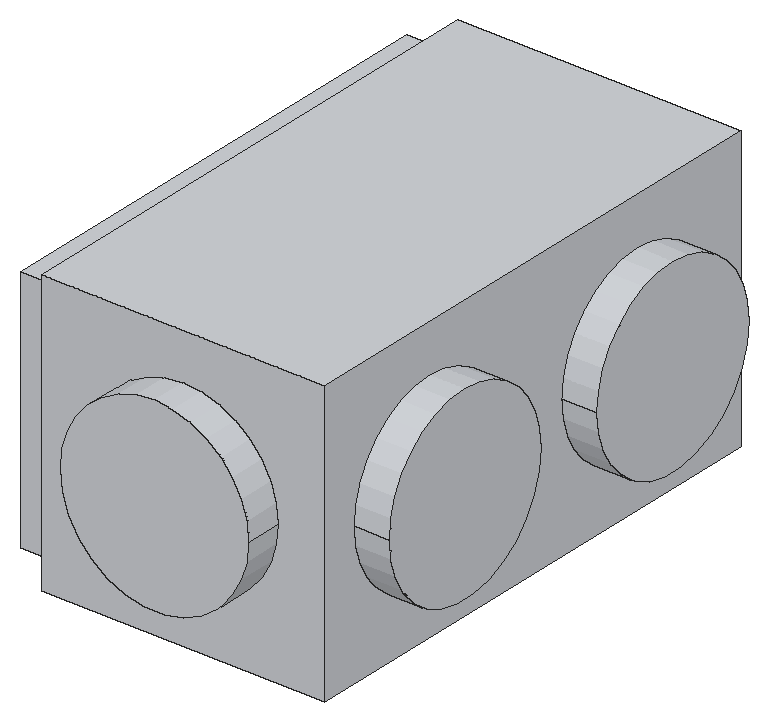
Revit family "M_Plenum de saída VAV - Duplo Y", category Conexões de duto, Revit 2019
Family settings
  Cota do conector redondo = Usar raio
  Tipo de parte = Cruzeta
  Número OmniClass = 23.75.70.11.14.24
  Título OmniClass = Air Mixers
  ID de item do Seek = VAV Outlet Plenum - Double Wye-0000-CAN-ENU
  Com base no plano de trabalho = Não
  Sempre na vertical = Sim
  Corte com vazios quando carregada = Não
  Compartilhado = Não
Parameters (values of type "Padrão")
  Raio de saída do ar de fornecimento = Diâmetro de saída do ar de fornecimento / 2  # 100 mm
  Diâmetro de saída do ar de fornecimento = 200 mm
  Largura da entrada de ar de fornecimento = 511.9 mm
  Altura da entrada de ar de fornecimento = 261.9 mm
  1/4 da largura do plenum = Largura do plenum / 4  # 137.5 mm
  Largura do plenum = Largura da entrada de ar de fornecimento + 38.1 mm  # 550 mm
  Comprimento do plenum = 300 mm
  Altura do plenum = Altura da entrada de ar de fornecimento + 38.1 mm  # 300 mm
  Espessura de revestimento = 0 mm
  Raio da saída de ar de fornecimento revestido = Raio de saída do ar de fornecimento - Espessura de revestimento * 2  # 100 mm
  Largura da entrada do ar de fornecimento revestido = Largura da entrada de ar de fornecimento - Espessura de revestimento * 2  # 511.9 mm
  Altura da entrada de ar do fornecimento revestido = Altura da entrada de ar de fornecimento - Espessura de revestimento * 2  # 261.9 mm
  Largura do plenum revestido = Largura do plenum - Espessura de revestimento * 2  # 550 mm
  Comprimento do plenum revestido = Comprimento do plenum - Espessura de revestimento * 2  # 300 mm
  Altura do plenum revestido = Altura do plenum - Espessura de revestimento * 2  # 300 mm
  Espessura do isolamento = 0 mm
  Raio da saída de ar do fornecimento de isolamento = Raio de saída do ar de fornecimento + Espessura do isolamento * 2  # 100 mm
  Diâmetro da saída de ar do fornecimento de isolamento = Diâmetro de saída do ar de fornecimento + Espessura do isolamento * 2  # 200 mm
  Largura da entrada de ar do fornecimento de isolamento = Largura da entrada de ar de fornecimento + Espessura do isolamento * 2  # 511.9 mm
  Largura do plenum do isolamento = Largura do plenum + Espessura do isolamento * 2  # 550 mm
  Comprimento do plenum do isolamento = Comprimento do plenum + Espessura do isolamento * 2  # 300 mm
  Altura do plenum do isolamento = Altura do plenum + Espessura do isolamento * 2  # 300 mm
  Altura da entrada do ar do fornecimento de isolamento = Altura da entrada de ar de fornecimento + Espessura do isolamento * 2  # 261.9 mm
Reference planes
  plane 1 "Centro (Frente/Trás)": y = 0
  plane 2 "Centro(elevação)": z = 0
  plane 3 "Centro (Esquerda/Direita)": x = 0
  plane 4: y = 275
  plane 5: y = -275
  plane 6: x = 150
  plane 7: x = -150
  plane 8: z = 150
  plane 9: z = -150
  plane 10: x = -188.1
  plane 11: x = 188.1
  plane 12: y = -255.95
  plane 13: y = 255.95
  plane 14: z = 130.95
  plane 15: z = -130.95
  plane 16: y = 137.5
  plane 17: y = -137.5
  plane 18: z = 150
  plane 19: z = -150
  plane 20: z = 150
  plane 21: z = -150
  plane 22: x = -150
  plane 23: x = 150
  plane 24: x = 150
  plane 25: x = -150
  plane 26: y = 275
  plane 27: y = -275
  plane 28: y = 275
  plane 29: y = -275
  plane 30: y = 255.95
  plane 31: y = -255.95
  plane 32: y = 255.95
  plane 33: y = -255.95
  plane 34: z = 130.95
  plane 35: z = -130.95
  plane 36: z = 130.95
  plane 37: z = -130.95
  plane 38: y = 313.1
  plane 39: y = -313.1
Forms (mm)
  Extrusion 1, solid
    sketch origin (0, 0, 0) x (1, 0, 0) y (0, 1, 0)
      loop
        line (-150, 275) -> (-150, -275) -> (150, -275) -> (150, 275) -> (-150, 275)
    from -150 to 150
  Extrusion 2, solid
    sketch origin (0, 0, 0) x (0, 1, 0) y (0, 0, 1)
      loop
        line (255.95, 130.95) -> (-255.95, 130.95) -> (-255.95, -130.95) -> (255.95, -130.95) -> (255.95, 130.95)
    from -188.1 to -150
  Extrusion 3, solid
    sketch origin (0, 0, 0) x (1, 0, 0) y (0, 0, 1)
      loop
        circle (0, 0) r 100
    from 313.1 to 275
  Extrusion 4, solid
    sketch origin (0, 0, 0) x (1, 0, 0) y (0, 0, 1)
      loop
        circle (0, 0) r 100
    from -275 to -313.1
  Extrusion 5, solid
    sketch origin (0, 0, 0) x (0, 1, 0) y (0, 0, 1)
      loop
        circle (137.5, 0) r 100
    from 150 to 188.1
  Extrusion 6, solid
    sketch origin (0, 0, 0) x (0, 1, 0) y (0, 0, 1)
      loop
        circle (-137.5, 0) r 100
    from 150 to 188.1
  Extrusion 7, solid
    sketch origin (0, 0, 0) x (0, 1, 0) y (0, 0, 1)
      loop
        circle (-137.5, 0) r 100
    from 150 to 188.1
  Extrusion 8, solid
    sketch origin (0, 0, 0) x (0, 1, 0) y (0, 0, 1)
      loop
        circle (137.5, 0) r 100
    from 150 to 188.1
  Extrusion 9, solid
    sketch origin (0, 0, 0) x (0, 1, 0) y (0, 0, 1)
      loop
        circle (-137.5, 0) r 100
    from 150 to 188.1
  Extrusion 10, solid
    sketch origin (0, 0, 0) x (0, 1, 0) y (0, 0, 1)
      loop
        circle (137.5, 0) r 100
    from 150 to 188.1
  Extrusion 11, solid
    sketch origin (0, 0, 0) x (1, 0, 0) y (0, 0, 1)
      loop
        circle (0, 0) r 100
    from 313.1 to 275
  Extrusion 12, solid
    sketch origin (0, 0, 209.55) x (1, 0, 0) y (0, 0, 1)
      loop
        circle (0, -209.55) r 100
    from -275 to -313.1
  Extrusion 13, solid
    sketch origin (0, 0, 0) x (1, 0, 0) y (0, 0, 1)
      loop
        circle (0, 0) r 100
    from 275 to 313.1
  Extrusion 14, solid
    sketch origin (0, 0, 0) x (1, 0, 0) y (0, 0, 1)
      loop
        circle (0, 0) r 100
    from -313.1 to -275
  Extrusion 15, solid
    sketch origin (0, 0, 0) x (1, 0, 0) y (0, 0, 1)
      loop
        line (-150, 150) -> (-150, -150) -> (150, -150) -> (150, 150) -> (-150, 150)
    from -275 to 275
  Extrusion 16, solid
    sketch origin (0, 0, 0) x (1, 0, 0) y (0, 0, 1)
      loop
        line (-150, 150) -> (-150, -150) -> (150, -150) -> (150, 150) -> (-150, 150)
    from -275 to 275
  Extrusion 17, solid
    sketch origin (0, 0, 0) x (0, 1, 0) y (0, 0, 1)
      loop
        line (-255.95, 130.95) -> (-255.95, -130.95) -> (255.95, -130.95) -> (255.95, 130.95) -> (-255.95, 130.95)
    from -188.1 to -150
  Extrusion 18, solid
    sketch origin (0, 0, 0) x (0, 1, 0) y (0, 0, 1)
      loop
        line (-255.95, 130.95) -> (-255.95, -130.95) -> (255.95, -130.95) -> (255.95, 130.95) -> (-255.95, 130.95)
    from -150 to -188.1
Dimensions and locks
  equal spacing: plane 5, plane 1 "Centro (Frente/Trás)", plane 4
  "Largura do plenum": plane 5 to plane 4
  equal spacing: plane 7, plane 3 "Centro (Esquerda/Direita)", plane 6
  "Comprimento do plenum": plane 7 to plane 6
  equal spacing: plane 8, plane 2 "Centro(elevação)", plane 9
  "Altura do plenum": plane 8 to plane 9
  locked: plane 6 to plane 11 at 38.1
  locked: plane 10 to plane 7 at 38.1
  equal spacing: plane 13, plane 1 "Centro (Frente/Trás)", plane 12
  "Largura da entrada de ar de fornecimento": plane 13 to plane 12
  equal spacing: plane 14, plane 2 "Centro(elevação)", plane 15
  "Altura da entrada de ar de fornecimento": plane 14 to plane 15
  equal spacing: plane 18, plane 2 "Centro(elevação)", plane 19
  "Altura do plenum revestido": plane 18 to plane 19
  equal spacing: plane 20, plane 2 "Centro(elevação)", plane 21
  "Altura do plenum do isolamento": plane 20 to plane 21
  equal spacing: plane 23, plane 3 "Centro (Esquerda/Direita)", plane 22
  "Comprimento do plenum revestido": plane 23 to plane 22
  equal spacing: plane 25, plane 3 "Centro (Esquerda/Direita)", plane 24
  "Comprimento do plenum do isolamento": plane 25 to plane 24
  equal spacing: plane 27, plane 1 "Centro (Frente/Trás)", plane 26
  "Largura do plenum revestido": plane 27 to plane 26
  equal spacing: plane 29, plane 1 "Centro (Frente/Trás)", plane 28
  "Largura do plenum do isolamento": plane 29 to plane 28
  equal spacing: plane 31, plane 1 "Centro (Frente/Trás)", plane 30
  "Largura da entrada do ar de fornecimento revestido": plane 31 to plane 30
  equal spacing: plane 33, plane 1 "Centro (Frente/Trás)", plane 32
  "Largura da entrada de ar do fornecimento de isolamento": plane 33 to plane 32
  equal spacing: plane 34, plane 2 "Centro(elevação)", plane 35
  "Altura da entrada do ar do fornecimento de isolamento": plane 34 to plane 35
  equal spacing: plane 36, plane 2 "Centro(elevação)", plane 37
  "Altura da entrada de ar do fornecimento revestido": plane 36 to plane 37
  "1/4 da largura do plenum": plane 16 to plane 4
  "1/4 da largura do plenum": plane 16 to plane 1 "Centro (Frente/Trás)"
  "1/4 da largura do plenum": plane 17 to plane 1 "Centro (Frente/Trás)"
  locked: plane 38 to plane 4 at 38.1
  locked: plane 5 to plane 39 at 38.1
  "Raio de saída do ar de fornecimento": radius of Extrusion 3 sketch curve
  "Raio de saída do ar de fornecimento": radius of Extrusion 4 sketch curve
  "Raio de saída do ar de fornecimento": radius of Extrusion 5 sketch curve
  "Raio de saída do ar de fornecimento": radius of Extrusion 6 sketch curve
  "Raio da saída de ar do fornecimento de isolamento": radius of Extrusion 7 sketch curve
  "Raio da saída de ar do fornecimento de isolamento": radius of Extrusion 8 sketch curve
  "Raio da saída de ar de fornecimento revestido": radius of Extrusion 9 sketch curve
  "Raio da saída de ar de fornecimento revestido": radius of Extrusion 10 sketch curve
  "Raio da saída de ar do fornecimento de isolamento": radius of Extrusion 11 sketch curve
  "Raio da saída de ar do fornecimento de isolamento": radius of Extrusion 12 sketch curve
  "Raio da saída de ar de fornecimento revestido": radius of Extrusion 13 sketch curve
  "Raio da saída de ar de fornecimento revestido": radius of Extrusion 14 sketch curve
  aligned and locked: plane 7 to Extrusion 1 sketch curve
  aligned and locked: plane 4 to Extrusion 1 sketch curve
  aligned and locked: plane 5 to Extrusion 1 sketch curve
  aligned and locked: Extrusion 1 sketch curve to plane 6
  aligned and locked: plane 8 to Extrusion 1
  aligned and locked: plane 9 to Extrusion 1
  aligned and locked: plane 13 to Extrusion 2 sketch curve
  aligned and locked: plane 14 to Extrusion 2 sketch curve
  aligned and locked: plane 15 to Extrusion 2 sketch curve
  aligned and locked: plane 12 to Extrusion 2 sketch curve
  aligned and locked: plane 10 to Extrusion 2
  aligned and locked: Extrusion 2 to plane 7
  aligned and locked: plane 2 "Centro(elevação)" to Extrusion 3 sketch curve
  aligned and locked: plane 3 "Centro (Esquerda/Direita)" to Extrusion 3 sketch curve
  aligned and locked: plane 2 "Centro(elevação)" to Extrusion 4 sketch curve
  aligned and locked: plane 3 "Centro (Esquerda/Direita)" to Extrusion 4 sketch curve
  aligned and locked: plane 2 "Centro(elevação)" to Extrusion 5 sketch curve
  aligned and locked: plane 16 to Extrusion 5 sketch curve
  aligned and locked: plane 17 to Extrusion 6 sketch curve
  aligned and locked: plane 2 "Centro(elevação)" to Extrusion 6 sketch curve
  aligned and locked: Extrusion 5 to plane 6
  aligned and locked: plane 11 to Extrusion 5
  aligned and locked: Extrusion 6 to plane 6
  aligned and locked: plane 11 to Extrusion 6
  aligned and locked: plane 17 to Extrusion 7 sketch curve
  aligned and locked: plane 2 "Centro(elevação)" to Extrusion 7 sketch curve
  aligned and locked: plane 16 to Extrusion 8 sketch curve
  aligned and locked: plane 2 "Centro(elevação)" to Extrusion 8 sketch curve
  aligned and locked: Extrusion 7 to plane 6
  aligned and locked: plane 11 to Extrusion 7
  aligned and locked: Extrusion 8 to plane 6
  aligned and locked: plane 11 to Extrusion 8
  aligned and locked: plane 17 to Extrusion 9 sketch curve
  aligned and locked: plane 2 "Centro(elevação)" to Extrusion 9 sketch curve
  aligned and locked: plane 16 to Extrusion 10 sketch curve
  aligned and locked: plane 2 "Centro(elevação)" to Extrusion 10 sketch curve
  aligned and locked: plane 11 to Extrusion 9
  aligned and locked: plane 11 to Extrusion 10
  aligned and locked: plane 3 "Centro (Esquerda/Direita)" to Extrusion 11 sketch curve
  aligned and locked: plane 2 "Centro(elevação)" to Extrusion 11 sketch curve
  aligned and locked: plane 2 "Centro(elevação)" to Extrusion 12 sketch curve
  aligned and locked: plane 3 "Centro (Esquerda/Direita)" to Extrusion 12 sketch curve
  aligned and locked: plane 3 "Centro (Esquerda/Direita)" to Extrusion 13 sketch curve
  aligned and locked: plane 2 "Centro(elevação)" to Extrusion 13 sketch curve
  aligned and locked: plane 3 "Centro (Esquerda/Direita)" to Extrusion 14 sketch curve
  aligned and locked: plane 2 "Centro(elevação)" to Extrusion 14 sketch curve
  aligned and locked: Extrusion 15 sketch curve to plane 20
  aligned and locked: plane 21 to Extrusion 15 sketch curve
  aligned and locked: plane 22 to Extrusion 16 sketch curve
  aligned and locked: Extrusion 16 sketch curve to plane 18
  aligned and locked: plane 19 to Extrusion 16 sketch curve
  aligned and locked: plane 23 to Extrusion 16 sketch curve
  aligned and locked: Extrusion 15 to plane 28
  aligned and locked: Extrusion 15 to plane 29
  aligned and locked: Extrusion 16 to plane 27
  aligned and locked: Extrusion 16 to plane 26
  aligned and locked: plane 31 to Extrusion 17 sketch curve
  aligned and locked: Extrusion 17 sketch curve to plane 36
  aligned and locked: plane 37 to Extrusion 17 sketch curve
  aligned and locked: plane 30 to Extrusion 17 sketch curve
  aligned and locked: plane 33 to Extrusion 18 sketch curve
  aligned and locked: Extrusion 18 sketch curve to plane 34
  aligned and locked: plane 35 to Extrusion 18 sketch curve
  aligned and locked: plane 32 to Extrusion 18 sketch curve
  aligned and locked: Extrusion 18 to plane 7
  aligned and locked: Extrusion 15 sketch curve to plane 25
  aligned and locked: Extrusion 15 sketch curve to plane 24
  aligned and locked: plane 10 to Extrusion 18
  aligned and locked: plane 10 to Extrusion 17
  aligned and locked: plane 26 to Extrusion 14
  aligned and locked: plane 22 to Extrusion 17
  aligned and locked: plane 23 to Extrusion 10
  aligned and locked: plane 23 to Extrusion 9
  aligned and locked: plane 27 to Extrusion 13
  aligned and locked: plane 38 to Extrusion 4
  aligned and locked: plane 4 to Extrusion 4
  aligned and locked: plane 38 to Extrusion 12
  aligned and locked: plane 38 to Extrusion 14
  aligned and locked: Extrusion 3 to plane 39
  aligned and locked: plane 5 to Extrusion 3
  aligned and locked: Extrusion 11 to plane 39
  aligned and locked: Extrusion 13 to plane 39
  aligned and locked: plane 26 to Extrusion 12
  aligned and locked: plane 27 to Extrusion 11
Connectors
  hvac at (-188.1, 0, 0), driven by "Altura da entrada de ar de fornecimento", driven by "Largura da entrada de ar de fornecimento"
    settings: on Extrusion 2, index 1, duct flow 0.0 L/s, flow factor 0, pres drop 0.0 Pa, loss coef 0, conn angle 0.00°, conn width 511.9 mm, conn height 261.9 mm, conn diameter 609.6 mm, duct sys type 28, conn prof type 1, flow config 0, flow direction 0, loss method 0, conn ref index -1, conn util no, is conn primary yes, conn desc ""
  hvac at (188.1, -137.5, 0), driven by "Raio de saída do ar de fornecimento"
    settings: on Extrusion 6, index 2, duct flow 0.0 L/s, flow factor 0, pres drop 0.0 Pa, loss coef 0, conn angle 0.00°, conn width 304.8 mm, conn height 304.8 mm, conn diameter 200 mm, duct sys type 28, conn prof type 0, flow config 0, flow direction 0, loss method 0, conn ref index -1, conn util no, is conn primary no, conn desc ""
  hvac at (188.1, 137.5, 0), driven by "Raio de saída do ar de fornecimento"
    settings: on Extrusion 5, index 3, duct flow 0.0 L/s, flow factor 0, pres drop 0.0 Pa, loss coef 0, conn angle 0.00°, conn width 304.8 mm, conn height 304.8 mm, conn diameter 200 mm, duct sys type 28, conn prof type 0, flow config 0, flow direction 0, loss method 0, conn ref index -1, conn util no, is conn primary no, conn desc ""
  hvac at (0, -275, 0), driven by "Raio de saída do ar de fornecimento"
    settings: on Extrusion 3, index 4, duct flow 0.0 L/s, flow factor 0, pres drop 0.0 Pa, loss coef 0, conn angle 0.00°, conn width 304.8 mm, conn height 304.8 mm, conn diameter 200 mm, duct sys type 28, conn prof type 0, flow config 0, flow direction 0, loss method 0, conn ref index -1, conn util no, is conn primary no, conn desc ""
  hvac at (0, 275, 0), driven by "Raio de saída do ar de fornecimento"
    settings: on Extrusion 4, index 5, duct flow 0.0 L/s, flow factor 0, pres drop 0.0 Pa, loss coef 0, conn angle 0.00°, conn width 304.8 mm, conn height 304.8 mm, conn diameter 200 mm, duct sys type 28, conn prof type 0, flow config 0, flow direction 0, loss method 0, conn ref index -1, conn util no, is conn primary no, conn desc ""
Types in the file's own list only (85): name | Raio de saída do ar de fornecimento | Diâmetro de saída do ar de fornecimento | Largura da entrada de ar de fornecimento | Altura da entrada de ar de fornecimento | 1/4 da largura do plenum | Largura do plenum | Comprimento do plenum | Altura do plenum | Raio da saída de ar de fornecimento revestido | Largura da entrada do ar de fornecimento revestido | Altura da entrada de ar do fornecimento revestido | Largura do plenum revestido | Comprimento do plenum revestido | Altura do plenum revestido | Raio da saída de ar do fornecimento de isolamento | Diâmetro da saída de ar do fornecimento de isolamento | Largura da entrada de ar do fornecimento de isolamento | Largura do plenum do isolamento | Comprimento do plenum do isolamento | Altura do plenum do isolamento | Altura da entrada do ar do fornecimento de isolamento
  250x250-125 | 63 mm | 125 mm | 250 mm | 250 mm | 72 mm | 288 mm | 250 mm | 288 mm | 63 mm | 250 mm | 250 mm | 288 mm | 250 mm | 288 mm | 63 mm | 125 mm | 250 mm | 288 mm | 250 mm | 288 mm | 250 mm
  300x250-125 | 63 mm | 125 mm | 300 mm | 250 mm | 85 mm | 338 mm | 250 mm | 288 mm | 63 mm | 300 mm | 250 mm | 338 mm | 250 mm | 288 mm | 63 mm | 125 mm | 300 mm | 338 mm | 250 mm | 288 mm | 250 mm
  300x250-150 | 75 mm | 150 mm | 300 mm | 250 mm | 85 mm | 338 mm | 250 mm | 288 mm | 75 mm | 300 mm | 250 mm | 338 mm | 250 mm | 288 mm | 75 mm | 150 mm | 300 mm | 338 mm | 250 mm | 288 mm | 250 mm
  350x250-125 | 63 mm | 125 mm | 350 mm | 250 mm | 97 mm | 388 mm | 250 mm | 288 mm | 63 mm | 350 mm | 250 mm | 388 mm | 250 mm | 288 mm | 63 mm | 125 mm | 350 mm | 388 mm | 250 mm | 288 mm | 250 mm
  350x250-150 | 75 mm | 150 mm | 350 mm | 250 mm | 97 mm | 388 mm | 250 mm | 288 mm | 75 mm | 350 mm | 250 mm | 388 mm | 250 mm | 288 mm | 75 mm | 150 mm | 350 mm | 388 mm | 250 mm | 288 mm | 250 mm
  400x250-125 | 63 mm | 125 mm | 400 mm | 250 mm | 110 mm | 438 mm | 250 mm | 288 mm | 63 mm | 400 mm | 250 mm | 438 mm | 250 mm | 288 mm | 63 mm | 125 mm | 400 mm | 438 mm | 250 mm | 288 mm | 250 mm
  400x250-150 | 75 mm | 150 mm | 400 mm | 250 mm | 110 mm | 438 mm | 250 mm | 288 mm | 75 mm | 400 mm | 250 mm | 438 mm | 250 mm | 288 mm | 75 mm | 150 mm | 400 mm | 438 mm | 250 mm | 288 mm | 250 mm
  400x250-200 | 100 mm | 200 mm | 400 mm | 250 mm | 110 mm | 438 mm | 250 mm | 288 mm | 100 mm | 400 mm | 250 mm | 438 mm | 250 mm | 288 mm | 100 mm | 200 mm | 400 mm | 438 mm | 250 mm | 288 mm | 250 mm
  450x250-125 | 63 mm | 125 mm | 450 mm | 250 mm | 122 mm | 488 mm | 250 mm | 288 mm | 63 mm | 450 mm | 250 mm | 488 mm | 250 mm | 288 mm | 63 mm | 125 mm | 450 mm | 488 mm | 250 mm | 288 mm | 250 mm
  450x250-150 | 75 mm | 150 mm | 450 mm | 250 mm | 122 mm | 488 mm | 250 mm | 288 mm | 75 mm | 450 mm | 250 mm | 488 mm | 250 mm | 288 mm | 75 mm | 150 mm | 450 mm | 488 mm | 250 mm | 288 mm | 250 mm
  450x250-200 | 100 mm | 200 mm | 450 mm | 250 mm | 122 mm | 488 mm | 250 mm | 288 mm | 100 mm | 450 mm | 250 mm | 488 mm | 250 mm | 288 mm | 100 mm | 200 mm | 450 mm | 488 mm | 250 mm | 288 mm | 250 mm
  500x250-125 | 63 mm | 125 mm | 500 mm | 250 mm | 135 mm | 538 mm | 250 mm | 288 mm | 63 mm | 500 mm | 250 mm | 538 mm | 250 mm | 288 mm | 63 mm | 125 mm | 500 mm | 538 mm | 250 mm | 288 mm | 250 mm
  500x250-150 | 75 mm | 150 mm | 500 mm | 250 mm | 135 mm | 538 mm | 250 mm | 288 mm | 75 mm | 500 mm | 250 mm | 538 mm | 250 mm | 288 mm | 75 mm | 150 mm | 500 mm | 538 mm | 250 mm | 288 mm | 250 mm
  500x250-200 | 100 mm | 200 mm | 500 mm | 250 mm | 135 mm | 538 mm | 250 mm | 288 mm | 100 mm | 500 mm | 250 mm | 538 mm | 250 mm | 288 mm | 100 mm | 200 mm | 500 mm | 538 mm | 250 mm | 288 mm | 250 mm
  500x250-250 | 125 mm | 250 mm | 500 mm | 250 mm | 135 mm | 538 mm | 250 mm | 288 mm | 125 mm | 500 mm | 250 mm | 538 mm | 250 mm | 288 mm | 125 mm | 250 mm | 500 mm | 538 mm | 250 mm | 288 mm | 250 mm
  300x300-150 | 75 mm | 150 mm | 300 mm | 300 mm | 85 mm | 338 mm | 300 mm | 338 mm | 75 mm | 300 mm | 300 mm | 338 mm | 300 mm | 338 mm | 75 mm | 150 mm | 300 mm | 338 mm | 300 mm | 338 mm | 300 mm
  350x300-150 | 75 mm | 150 mm | 350 mm | 300 mm | 97 mm | 388 mm | 300 mm | 338 mm | 75 mm | 350 mm | 300 mm | 388 mm | 300 mm | 338 mm | 75 mm | 150 mm | 350 mm | 388 mm | 300 mm | 338 mm | 300 mm
  400x300-150 | 75 mm | 150 mm | 400 mm | 300 mm | 110 mm | 438 mm | 300 mm | 338 mm | 75 mm | 400 mm | 300 mm | 438 mm | 300 mm | 338 mm | 75 mm | 150 mm | 400 mm | 438 mm | 300 mm | 338 mm | 300 mm
  400x300-200 | 100 mm | 200 mm | 400 mm | 300 mm | 110 mm | 438 mm | 300 mm | 338 mm | 100 mm | 400 mm | 300 mm | 438 mm | 300 mm | 338 mm | 100 mm | 200 mm | 400 mm | 438 mm | 300 mm | 338 mm | 300 mm
  450x300-150 | 75 mm | 150 mm | 450 mm | 300 mm | 122 mm | 488 mm | 300 mm | 338 mm | 75 mm | 450 mm | 300 mm | 488 mm | 300 mm | 338 mm | 75 mm | 150 mm | 450 mm | 488 mm | 300 mm | 338 mm | 300 mm
  450x300-200 | 100 mm | 200 mm | 450 mm | 300 mm | 122 mm | 488 mm | 300 mm | 338 mm | 100 mm | 450 mm | 300 mm | 488 mm | 300 mm | 338 mm | 100 mm | 200 mm | 450 mm | 488 mm | 300 mm | 338 mm | 300 mm
  500x300-150 | 75 mm | 150 mm | 500 mm | 300 mm | 135 mm | 538 mm | 300 mm | 338 mm | 75 mm | 500 mm | 300 mm | 538 mm | 300 mm | 338 mm | 75 mm | 150 mm | 500 mm | 538 mm | 300 mm | 338 mm | 300 mm
  500x300-200 | 100 mm | 200 mm | 500 mm | 300 mm | 135 mm | 538 mm | 300 mm | 338 mm | 100 mm | 500 mm | 300 mm | 538 mm | 300 mm | 338 mm | 100 mm | 200 mm | 500 mm | 538 mm | 300 mm | 338 mm | 300 mm
  500x300-250 | 125 mm | 250 mm | 500 mm | 300 mm | 135 mm | 538 mm | 300 mm | 338 mm | 125 mm | 500 mm | 300 mm | 538 mm | 300 mm | 338 mm | 125 mm | 250 mm | 500 mm | 538 mm | 300 mm | 338 mm | 300 mm
  550x300-150 | 75 mm | 150 mm | 550 mm | 300 mm | 147 mm | 588 mm | 300 mm | 338 mm | 75 mm | 550 mm | 300 mm | 588 mm | 300 mm | 338 mm | 75 mm | 150 mm | 550 mm | 588 mm | 300 mm | 338 mm | 300 mm
  550x300-200 | 100 mm | 200 mm | 550 mm | 300 mm | 147 mm | 588 mm | 300 mm | 338 mm | 100 mm | 550 mm | 300 mm | 588 mm | 300 mm | 338 mm | 100 mm | 200 mm | 550 mm | 588 mm | 300 mm | 338 mm | 300 mm
  550x300-250 | 125 mm | 250 mm | 550 mm | 300 mm | 147 mm | 588 mm | 300 mm | 338 mm | 125 mm | 550 mm | 300 mm | 588 mm | 300 mm | 338 mm | 125 mm | 250 mm | 550 mm | 588 mm | 300 mm | 338 mm | 300 mm
  600x300-150 | 75 mm | 150 mm | 600 mm | 300 mm | 160 mm | 638 mm | 300 mm | 338 mm | 75 mm | 600 mm | 300 mm | 638 mm | 300 mm | 338 mm | 75 mm | 150 mm | 600 mm | 638 mm | 300 mm | 338 mm | 300 mm
  600x300-200 | 100 mm | 200 mm | 600 mm | 300 mm | 160 mm | 638 mm | 300 mm | 338 mm | 100 mm | 600 mm | 300 mm | 638 mm | 300 mm | 338 mm | 100 mm | 200 mm | 600 mm | 638 mm | 300 mm | 338 mm | 300 mm
  600x300-250 | 125 mm | 250 mm | 600 mm | 300 mm | 160 mm | 638 mm | 300 mm | 338 mm | 125 mm | 600 mm | 300 mm | 638 mm | 300 mm | 338 mm | 125 mm | 250 mm | 600 mm | 638 mm | 300 mm | 338 mm | 300 mm
  600x300-300 | 150 mm | 300 mm | 600 mm | 300 mm | 160 mm | 638 mm | 300 mm | 338 mm | 150 mm | 600 mm | 300 mm | 638 mm | 300 mm | 338 mm | 150 mm | 300 mm | 600 mm | 638 mm | 300 mm | 338 mm | 300 mm
  400x350-200 | 100 mm | 200 mm | 400 mm | 350 mm | 110 mm | 438 mm | 350 mm | 388 mm | 100 mm | 400 mm | 350 mm | 438 mm | 350 mm | 388 mm | 100 mm | 200 mm | 400 mm | 438 mm | 350 mm | 388 mm | 350 mm
  450x350-200 | 100 mm | 200 mm | 450 mm | 350 mm | 122 mm | 488 mm | 350 mm | 388 mm | 100 mm | 450 mm | 350 mm | 488 mm | 350 mm | 388 mm | 100 mm | 200 mm | 450 mm | 488 mm | 350 mm | 388 mm | 350 mm
  500x350-200 | 100 mm | 200 mm | 500 mm | 350 mm | 135 mm | 538 mm | 350 mm | 388 mm | 100 mm | 500 mm | 350 mm | 538 mm | 350 mm | 388 mm | 100 mm | 200 mm | 500 mm | 538 mm | 350 mm | 388 mm | 350 mm
  500x350-250 | 125 mm | 250 mm | 500 mm | 350 mm | 135 mm | 538 mm | 350 mm | 388 mm | 125 mm | 500 mm | 350 mm | 538 mm | 350 mm | 388 mm | 125 mm | 250 mm | 500 mm | 538 mm | 350 mm | 388 mm | 350 mm
  550x350-200 | 100 mm | 200 mm | 550 mm | 350 mm | 147 mm | 588 mm | 350 mm | 388 mm | 100 mm | 550 mm | 350 mm | 588 mm | 350 mm | 388 mm | 100 mm | 200 mm | 550 mm | 588 mm | 350 mm | 388 mm | 350 mm
  550x350-250 | 125 mm | 250 mm | 550 mm | 350 mm | 147 mm | 588 mm | 350 mm | 388 mm | 125 mm | 550 mm | 350 mm | 588 mm | 350 mm | 388 mm | 125 mm | 250 mm | 550 mm | 588 mm | 350 mm | 388 mm | 350 mm
  600x350-200 | 100 mm | 200 mm | 600 mm | 350 mm | 160 mm | 638 mm | 350 mm | 388 mm | 100 mm | 600 mm | 350 mm | 638 mm | 350 mm | 388 mm | 100 mm | 200 mm | 600 mm | 638 mm | 350 mm | 388 mm | 350 mm
  600x350-250 | 125 mm | 250 mm | 600 mm | 350 mm | 160 mm | 638 mm | 350 mm | 388 mm | 125 mm | 600 mm | 350 mm | 638 mm | 350 mm | 388 mm | 125 mm | 250 mm | 600 mm | 638 mm | 350 mm | 388 mm | 350 mm
  600x350-300 | 150 mm | 300 mm | 600 mm | 350 mm | 160 mm | 638 mm | 350 mm | 388 mm | 150 mm | 600 mm | 350 mm | 638 mm | 350 mm | 388 mm | 150 mm | 300 mm | 600 mm | 638 mm | 350 mm | 388 mm | 350 mm
  650x350-200 | 100 mm | 200 mm | 650 mm | 350 mm | 172 mm | 688 mm | 350 mm | 388 mm | 100 mm | 650 mm | 350 mm | 688 mm | 350 mm | 388 mm | 100 mm | 200 mm | 650 mm | 688 mm | 350 mm | 388 mm | 350 mm
  650x350-250 | 125 mm | 250 mm | 650 mm | 350 mm | 172 mm | 688 mm | 350 mm | 388 mm | 125 mm | 650 mm | 350 mm | 688 mm | 350 mm | 388 mm | 125 mm | 250 mm | 650 mm | 688 mm | 350 mm | 388 mm | 350 mm
  650x350-300 | 150 mm | 300 mm | 650 mm | 350 mm | 172 mm | 688 mm | 350 mm | 388 mm | 150 mm | 650 mm | 350 mm | 688 mm | 350 mm | 388 mm | 150 mm | 300 mm | 650 mm | 688 mm | 350 mm | 388 mm | 350 mm
  700x350-200 | 100 mm | 200 mm | 700 mm | 350 mm | 185 mm | 738 mm | 350 mm | 388 mm | 100 mm | 700 mm | 350 mm | 738 mm | 350 mm | 388 mm | 100 mm | 200 mm | 700 mm | 738 mm | 350 mm | 388 mm | 350 mm
  700x350-250 | 125 mm | 250 mm | 700 mm | 350 mm | 185 mm | 738 mm | 350 mm | 388 mm | 125 mm | 700 mm | 350 mm | 738 mm | 350 mm | 388 mm | 125 mm | 250 mm | 700 mm | 738 mm | 350 mm | 388 mm | 350 mm
  700x350-300 | 150 mm | 300 mm | 700 mm | 350 mm | 185 mm | 738 mm | 350 mm | 388 mm | 150 mm | 700 mm | 350 mm | 738 mm | 350 mm | 388 mm | 150 mm | 300 mm | 700 mm | 738 mm | 350 mm | 388 mm | 350 mm
  700x350-350 | 175 mm | 350 mm | 700 mm | 350 mm | 185 mm | 738 mm | 350 mm | 388 mm | 175 mm | 700 mm | 350 mm | 738 mm | 350 mm | 388 mm | 175 mm | 350 mm | 700 mm | 738 mm | 350 mm | 388 mm | 350 mm
  500x400-250 | 125 mm | 250 mm | 500 mm | 400 mm | 135 mm | 538 mm | 400 mm | 438 mm | 125 mm | 500 mm | 400 mm | 538 mm | 400 mm | 438 mm | 125 mm | 250 mm | 500 mm | 538 mm | 400 mm | 438 mm | 400 mm
  550x400-250 | 125 mm | 250 mm | 550 mm | 400 mm | 147 mm | 588 mm | 400 mm | 438 mm | 125 mm | 550 mm | 400 mm | 588 mm | 400 mm | 438 mm | 125 mm | 250 mm | 550 mm | 588 mm | 400 mm | 438 mm | 400 mm
  600x400-250 | 125 mm | 250 mm | 600 mm | 400 mm | 160 mm | 638 mm | 400 mm | 438 mm | 125 mm | 600 mm | 400 mm | 638 mm | 400 mm | 438 mm | 125 mm | 250 mm | 600 mm | 638 mm | 400 mm | 438 mm | 400 mm
  600x400-300 | 150 mm | 300 mm | 600 mm | 400 mm | 160 mm | 638 mm | 400 mm | 438 mm | 150 mm | 600 mm | 400 mm | 638 mm | 400 mm | 438 mm | 150 mm | 300 mm | 600 mm | 638 mm | 400 mm | 438 mm | 400 mm
  650x400-250 | 125 mm | 250 mm | 650 mm | 400 mm | 172 mm | 688 mm | 400 mm | 438 mm | 125 mm | 650 mm | 400 mm | 688 mm | 400 mm | 438 mm | 125 mm | 250 mm | 650 mm | 688 mm | 400 mm | 438 mm | 400 mm
  650x400-300 | 150 mm | 300 mm | 650 mm | 400 mm | 172 mm | 688 mm | 400 mm | 438 mm | 150 mm | 650 mm | 400 mm | 688 mm | 400 mm | 438 mm | 150 mm | 300 mm | 650 mm | 688 mm | 400 mm | 438 mm | 400 mm
  700x400-250 | 125 mm | 250 mm | 700 mm | 400 mm | 185 mm | 738 mm | 400 mm | 438 mm | 125 mm | 700 mm | 400 mm | 738 mm | 400 mm | 438 mm | 125 mm | 250 mm | 700 mm | 738 mm | 400 mm | 438 mm | 400 mm
  700x400-300 | 150 mm | 300 mm | 700 mm | 400 mm | 185 mm | 738 mm | 400 mm | 438 mm | 150 mm | 700 mm | 400 mm | 738 mm | 400 mm | 438 mm | 150 mm | 300 mm | 700 mm | 738 mm | 400 mm | 438 mm | 400 mm
  700x400-350 | 175 mm | 350 mm | 700 mm | 400 mm | 185 mm | 738 mm | 400 mm | 438 mm | 175 mm | 700 mm | 400 mm | 738 mm | 400 mm | 438 mm | 175 mm | 350 mm | 700 mm | 738 mm | 400 mm | 438 mm | 400 mm
  750x400-250 | 125 mm | 250 mm | 750 mm | 400 mm | 197 mm | 788 mm | 400 mm | 438 mm | 125 mm | 750 mm | 400 mm | 788 mm | 400 mm | 438 mm | 125 mm | 250 mm | 750 mm | 788 mm | 400 mm | 438 mm | 400 mm
  750x400-300 | 150 mm | 300 mm | 750 mm | 400 mm | 197 mm | 788 mm | 400 mm | 438 mm | 150 mm | 750 mm | 400 mm | 788 mm | 400 mm | 438 mm | 150 mm | 300 mm | 750 mm | 788 mm | 400 mm | 438 mm | 400 mm
  750x400-350 | 175 mm | 350 mm | 750 mm | 400 mm | 197 mm | 788 mm | 400 mm | 438 mm | 175 mm | 750 mm | 400 mm | 788 mm | 400 mm | 438 mm | 175 mm | 350 mm | 750 mm | 788 mm | 400 mm | 438 mm | 400 mm
  800x400-250 | 125 mm | 250 mm | 800 mm | 400 mm | 210 mm | 838 mm | 400 mm | 438 mm | 125 mm | 800 mm | 400 mm | 838 mm | 400 mm | 438 mm | 125 mm | 250 mm | 800 mm | 838 mm | 400 mm | 438 mm | 400 mm
  800x400-300 | 150 mm | 300 mm | 800 mm | 400 mm | 210 mm | 838 mm | 400 mm | 438 mm | 150 mm | 800 mm | 400 mm | 838 mm | 400 mm | 438 mm | 150 mm | 300 mm | 800 mm | 838 mm | 400 mm | 438 mm | 400 mm
  800x400-350 | 175 mm | 350 mm | 800 mm | 400 mm | 210 mm | 838 mm | 400 mm | 438 mm | 175 mm | 800 mm | 400 mm | 838 mm | 400 mm | 438 mm | 175 mm | 350 mm | 800 mm | 838 mm | 400 mm | 438 mm | 400 mm
  800x400-400 | 200 mm | 400 mm | 800 mm | 400 mm | 210 mm | 838 mm | 400 mm | 438 mm | 200 mm | 800 mm | 400 mm | 838 mm | 400 mm | 438 mm | 200 mm | 400 mm | 800 mm | 838 mm | 400 mm | 438 mm | 400 mm
  600x450-300 | 150 mm | 300 mm | 600 mm | 450 mm | 160 mm | 638 mm | 450 mm | 488 mm | 150 mm | 600 mm | 450 mm | 638 mm | 450 mm | 488 mm | 150 mm | 300 mm | 600 mm | 638 mm | 450 mm | 488 mm | 450 mm
  650x450-300 | 150 mm | 300 mm | 650 mm | 450 mm | 172 mm | 688 mm | 450 mm | 488 mm | 150 mm | 650 mm | 450 mm | 688 mm | 450 mm | 488 mm | 150 mm | 300 mm | 650 mm | 688 mm | 450 mm | 488 mm | 450 mm
  700x450-300 | 150 mm | 300 mm | 700 mm | 450 mm | 185 mm | 738 mm | 450 mm | 488 mm | 150 mm | 700 mm | 450 mm | 738 mm | 450 mm | 488 mm | 150 mm | 300 mm | 700 mm | 738 mm | 450 mm | 488 mm | 450 mm
  700x450-350 | 175 mm | 350 mm | 700 mm | 450 mm | 185 mm | 738 mm | 450 mm | 488 mm | 175 mm | 700 mm | 450 mm | 738 mm | 450 mm | 488 mm | 175 mm | 350 mm | 700 mm | 738 mm | 450 mm | 488 mm | 450 mm
  750x450-300 | 150 mm | 300 mm | 750 mm | 450 mm | 197 mm | 788 mm | 450 mm | 488 mm | 150 mm | 750 mm | 450 mm | 788 mm | 450 mm | 488 mm | 150 mm | 300 mm | 750 mm | 788 mm | 450 mm | 488 mm | 450 mm
  750x450-350 | 175 mm | 350 mm | 750 mm | 450 mm | 197 mm | 788 mm | 450 mm | 488 mm | 175 mm | 750 mm | 450 mm | 788 mm | 450 mm | 488 mm | 175 mm | 350 mm | 750 mm | 788 mm | 450 mm | 488 mm | 450 mm
  800x450-300 | 150 mm | 300 mm | 800 mm | 450 mm | 210 mm | 838 mm | 450 mm | 488 mm | 150 mm | 800 mm | 450 mm | 838 mm | 450 mm | 488 mm | 150 mm | 300 mm | 800 mm | 838 mm | 450 mm | 488 mm | 450 mm
  800x450-350 | 175 mm | 350 mm | 800 mm | 450 mm | 210 mm | 838 mm | 450 mm | 488 mm | 175 mm | 800 mm | 450 mm | 838 mm | 450 mm | 488 mm | 175 mm | 350 mm | 800 mm | 838 mm | 450 mm | 488 mm | 450 mm
  800x450-400 | 200 mm | 400 mm | 800 mm | 450 mm | 210 mm | 838 mm | 450 mm | 488 mm | 200 mm | 800 mm | 450 mm | 838 mm | 450 mm | 488 mm | 200 mm | 400 mm | 800 mm | 838 mm | 450 mm | 488 mm | 450 mm
  850x450-300 | 150 mm | 300 mm | 850 mm | 450 mm | 222 mm | 888 mm | 450 mm | 488 mm | 150 mm | 850 mm | 450 mm | 888 mm | 450 mm | 488 mm | 150 mm | 300 mm | 850 mm | 888 mm | 450 mm | 488 mm | 450 mm
  850x450-350 | 175 mm | 350 mm | 850 mm | 450 mm | 222 mm | 888 mm | 450 mm | 488 mm | 175 mm | 850 mm | 450 mm | 888 mm | 450 mm | 488 mm | 175 mm | 350 mm | 850 mm | 888 mm | 450 mm | 488 mm | 450 mm
  850x450-400 | 200 mm | 400 mm | 850 mm | 450 mm | 222 mm | 888 mm | 450 mm | 488 mm | 200 mm | 850 mm | 450 mm | 888 mm | 450 mm | 488 mm | 200 mm | 400 mm | 850 mm | 888 mm | 450 mm | 488 mm | 450 mm
  900x450-300 | 150 mm | 300 mm | 900 mm | 450 mm | 235 mm | 938 mm | 450 mm | 488 mm | 150 mm | 900 mm | 450 mm | 938 mm | 450 mm | 488 mm | 150 mm | 300 mm | 900 mm | 938 mm | 450 mm | 488 mm | 450 mm
  900x450-350 | 175 mm | 350 mm | 900 mm | 450 mm | 235 mm | 938 mm | 450 mm | 488 mm | 175 mm | 900 mm | 450 mm | 938 mm | 450 mm | 488 mm | 175 mm | 350 mm | 900 mm | 938 mm | 450 mm | 488 mm | 450 mm
  900x450-400 | 200 mm | 400 mm | 900 mm | 450 mm | 235 mm | 938 mm | 450 mm | 488 mm | 200 mm | 900 mm | 450 mm | 938 mm | 450 mm | 488 mm | 200 mm | 400 mm | 900 mm | 938 mm | 450 mm | 488 mm | 450 mm
  900x450-450 | 225 mm | 450 mm | 900 mm | 450 mm | 235 mm | 938 mm | 450 mm | 488 mm | 225 mm | 900 mm | 450 mm | 938 mm | 450 mm | 488 mm | 225 mm | 450 mm | 900 mm | 938 mm | 450 mm | 488 mm | 450 mm
  950x450-450 | 225 mm | 450 mm | 950 mm | 450 mm | 247 mm | 988 mm | 450 mm | 488 mm | 225 mm | 950 mm | 450 mm | 988 mm | 450 mm | 488 mm | 225 mm | 450 mm | 950 mm | 988 mm | 450 mm | 488 mm | 450 mm
  1000x450-450 | 225 mm | 450 mm | 1000 mm | 450 mm | 260 mm | 1038 mm | 450 mm | 488 mm | 225 mm | 1000 mm | 450 mm | 1038 mm | 450 mm | 488 mm | 225 mm | 450 mm | 1000 mm | 1038 mm | 450 mm | 488 mm | 450 mm
  1050x450-450 | 225 mm | 450 mm | 1050 mm | 450 mm | 272 mm | 1088 mm | 450 mm | 488 mm | 225 mm | 1050 mm | 450 mm | 1088 mm | 450 mm | 488 mm | 225 mm | 450 mm | 1050 mm | 1088 mm | 450 mm | 488 mm | 450 mm
  1100x450-450 | 225 mm | 450 mm | 1100 mm | 450 mm | 285 mm | 1138 mm | 450 mm | 488 mm | 225 mm | 1100 mm | 450 mm | 1138 mm | 450 mm | 488 mm | 225 mm | 450 mm | 1100 mm | 1138 mm | 450 mm | 488 mm | 450 mm
  1150x450-450 | 225 mm | 450 mm | 1150 mm | 450 mm | 297 mm | 1188 mm | 450 mm | 488 mm | 225 mm | 1150 mm | 450 mm | 1188 mm | 450 mm | 488 mm | 225 mm | 450 mm | 1150 mm | 1188 mm | 450 mm | 488 mm | 450 mm
  1200x450-450 | 225 mm | 450 mm | 1200 mm | 450 mm | 310 mm | 1238 mm | 450 mm | 488 mm | 225 mm | 1200 mm | 450 mm | 1238 mm | 450 mm | 488 mm | 225 mm | 450 mm | 1200 mm | 1238 mm | 450 mm | 488 mm | 450 mm
